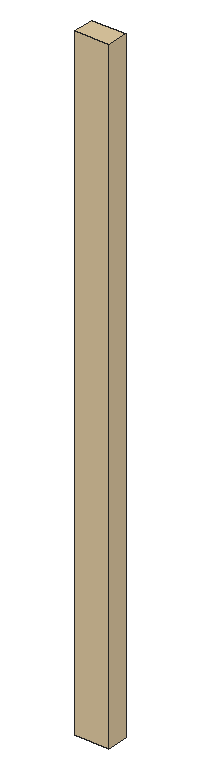
Revit family "Techlam Standard Post-135mm", category Structural Columns, Revit 2016
Family settings
  Section Shape = Not Defined
  Material for Model Behavior = Wood
  Always export as geometry = No
  Beam cutback in plan = From bounding box
  Cut with Voids When Loaded = No
  Symbolic Representation = From Project Settings
  Shared = No
  Show family pre-cut in plan views = Yes
Parameters (values of type "88 x 135")
  b = 135 mm
  d = 88 mm
  Structural Material [instance] = Wood - Dimensional Lumber
Types (21, lengths in mm): name | d
  88 x 135 | 88
  135 x 135 | 135
  140 x 135 | 140
  180 x 135 | 180
  190 x 135 | 190
  225 x 135 | 225
  240 x 135 | 240
  270 x 135 | 270
  290 x 135 | 290
  315 x 135 | 315
  360 x 135 | 360
  405 x 135 | 405
  450 x 135 | 450
  495 x 135 | 495
  540 x 135 | 540
  585 x 135 | 585
  630 x 135 | 630
  675 x 135 | 675
  720 x 135 | 720
  765 x 135 | 765
  810 x 135 | 810
Reference planes
  plane 1 "Center (Front/Back)": y = 0
  plane 2: z = 0
  plane 3 "Center (Left/Right)": x = 0
  plane 4: x = -67.5
  plane 5: x = 67.5
  plane 6: y = 44
  plane 7: y = -44
Forms (mm)
  Extrusion 1, solid, material "Wood - Dimensional Lumber" <- "Structural Material", detail levels medium+fine
    sketch origin (0, 0, 0) x (1, 0, 0) y (0, 1, 0)
      loop
        line (-67.5, 44) -> (-67.5, -44) -> (67.5, -44) -> (67.5, 44) -> (-67.5, 44)
    from 0 to 2500
Lines and regions (mm)
  symbolic lines, style "StructuralColumnStickSymbols", detail levels coarse
    curve 1: line (-67.5, 44, 0) -> (67.5, 44, 0)
    curve 2: line (-67.5, -44, 0) -> (67.5, -44, 0)
    curve 3: line (-67.5, 44, 0) -> (-67.5, -44, 0)
    curve 4: line (67.5, 44, 0) -> (67.5, -44, 0)
Dimensions and locks
  equal spacing: plane 4, plane 3 "Center (Left/Right)", plane 5
  equal spacing: plane 7, plane 1 "Center (Front/Back)", plane 6
  "d": plane 7 to plane 6
  "b": plane 4 to plane 5
  aligned and locked: plane 6 to Extrusion 1 sketch curve
  aligned and locked: Extrusion 1 sketch curve to plane 7
  aligned and locked: Extrusion 1 sketch curve to plane 4
  aligned and locked: plane 5 to Extrusion 1 sketch curve
  aligned and locked: level to Extrusion 1
  aligned and locked: level to plane 2
  aligned and locked: Extrusion 1 to plane 2
Automatic sketch dimensions
  curve 3 to plane 4 = 0 mm
  curve 4 to plane 5 = 0 mm
  curve 3 to plane 7 = 0 mm
  curve 3 to plane 6 = 0 mm
